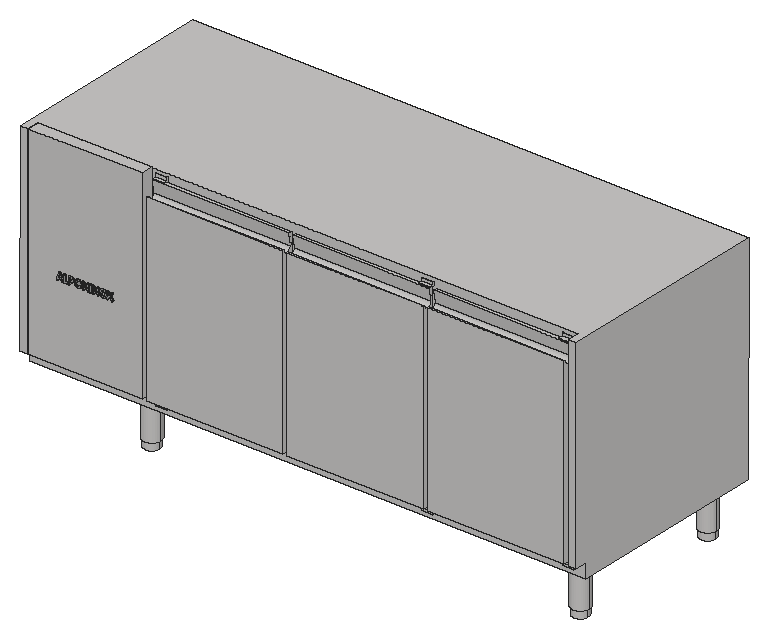
Revit family "QF_ALPENINOX_712026_AH3H7AAA", category Specialty Equipment, Revit 2018 (continued)
Definition of nested family "ALP_Cooling Unit"
  Lines and regions (mm)
    Split face 133
      outline origin (110.032, 2, -125.094) x (0, 0, 1) y (-1, 0, 0)
        loop
          arc (510.649, 158.547) -> (506.648, 162.548) -> (502.647, 158.547) r 4.001
          line (502.647, 158.547) -> (502.647, 116.535)
          arc (502.647, 116.535) -> (506.648, 112.533) -> (510.649, 116.535) r 4.001
          line (510.649, 116.535) -> (510.649, 158.547)
    Split face 134
      outline origin (110.032, 2, -137.098) x (0, 0, 1) y (-1, 0, 0)
        loop
          arc (510.649, 158.547) -> (506.648, 162.548) -> (502.647, 158.547) r 4.001
          line (502.647, 158.547) -> (502.647, 116.535)
          arc (502.647, 116.535) -> (506.648, 112.533) -> (510.649, 116.535) r 4.001
          line (510.649, 116.535) -> (510.649, 158.547)
    Split face 135
      outline origin (110.032, 2, -149.101) x (0, 0, 1) y (-1, 0, 0)
        loop
          arc (510.649, 158.547) -> (506.648, 162.548) -> (502.647, 158.547) r 4.001
          line (502.647, 158.547) -> (502.647, 116.535)
          arc (502.647, 116.535) -> (506.648, 112.533) -> (510.649, 116.535) r 4.001
          line (510.649, 116.535) -> (510.649, 158.547)
    Split face 136
      outline origin (110.032, 2, -161.105) x (0, 0, 1) y (-1, 0, 0)
        loop
          arc (510.649, 158.547) -> (506.648, 162.548) -> (502.647, 158.547) r 4.001
          line (502.647, 158.547) -> (502.647, 116.535)
          arc (502.647, 116.535) -> (506.648, 112.533) -> (510.649, 116.535) r 4.001
          line (510.649, 116.535) -> (510.649, 158.547)
    Split face 137
      outline origin (110.032, 2, -173.108) x (0, 0, 1) y (-1, 0, 0)
        loop
          arc (510.649, 158.547) -> (506.648, 162.548) -> (502.647, 158.547) r 4.001
          line (502.647, 158.547) -> (502.647, 116.535)
          arc (502.647, 116.535) -> (506.648, 112.533) -> (510.649, 116.535) r 4.001
          line (510.649, 116.535) -> (510.649, 158.547)
    Split face 138
      outline origin (110.032, 2, -185.112) x (0, 0, 1) y (-1, 0, 0)
        loop
          arc (510.649, 158.547) -> (506.648, 162.548) -> (502.647, 158.547) r 4.001
          line (502.647, 158.547) -> (502.647, 116.535)
          arc (502.647, 116.535) -> (506.648, 112.533) -> (510.649, 116.535) r 4.001
          line (510.649, 116.535) -> (510.649, 158.547)
    Split face 139
      outline origin (110.032, 2, -197.115) x (0, 0, 1) y (-1, 0, 0)
        loop
          arc (510.649, 158.547) -> (506.648, 162.548) -> (502.647, 158.547) r 4.001
          line (502.647, 158.547) -> (502.647, 116.535)
          arc (502.647, 116.535) -> (506.648, 112.533) -> (510.649, 116.535) r 4.001
          line (510.649, 116.535) -> (510.649, 158.547)
    Split face 140
      outline origin (110.032, 2, -209.119) x (0, 0, 1) y (-1, 0, 0)
        loop
          arc (510.649, 158.547) -> (506.648, 162.548) -> (502.647, 158.547) r 4.001
          line (502.647, 158.547) -> (502.647, 116.535)
          arc (502.647, 116.535) -> (506.648, 112.533) -> (510.649, 116.535) r 4.001
          line (510.649, 116.535) -> (510.649, 158.547)
    Split face 141
      outline origin (110.032, 2, -221.122) x (0, 0, 1) y (-1, 0, 0)
        loop
          arc (510.649, 158.547) -> (506.648, 162.548) -> (502.647, 158.547) r 4.001
          line (502.647, 158.547) -> (502.647, 116.535)
          arc (502.647, 116.535) -> (506.648, 112.533) -> (510.649, 116.535) r 4.001
          line (510.649, 116.535) -> (510.649, 158.547)
    Split face 142
      outline origin (110.032, 2, -233.126) x (0, 0, 1) y (-1, 0, 0)
        loop
          arc (510.649, 158.547) -> (506.648, 162.548) -> (502.647, 158.547) r 4.001
          line (502.647, 158.547) -> (502.647, 116.535)
          arc (502.647, 116.535) -> (506.648, 112.533) -> (510.649, 116.535) r 4.001
          line (510.649, 116.535) -> (510.649, 158.547)
    Split face 143
      outline origin (110.032, 2, -245.129) x (0, 0, 1) y (-1, 0, 0)
        loop
          arc (510.649, 158.547) -> (506.648, 162.548) -> (502.647, 158.547) r 4.001
          line (502.647, 158.547) -> (502.647, 116.535)
          arc (502.647, 116.535) -> (506.648, 112.533) -> (510.649, 116.535) r 4.001
          line (510.649, 116.535) -> (510.649, 158.547)
    Split face 144
      outline origin (110.032, 2, -257.133) x (0, 0, 1) y (-1, 0, 0)
        loop
          arc (510.649, 158.547) -> (506.648, 162.548) -> (502.647, 158.547) r 4.001
          line (502.647, 158.547) -> (502.647, 116.535)
          arc (502.647, 116.535) -> (506.648, 112.533) -> (510.649, 116.535) r 4.001
          line (510.649, 116.535) -> (510.649, 158.547)
    Split face 145
      outline origin (110.032, 2, -269.136) x (0, 0, 1) y (-1, 0, 0)
        loop
          arc (510.649, 158.547) -> (506.648, 162.548) -> (502.647, 158.547) r 4.001
          line (502.647, 158.547) -> (502.647, 116.535)
          arc (502.647, 116.535) -> (506.648, 112.533) -> (510.649, 116.535) r 4.001
          line (510.649, 116.535) -> (510.649, 158.547)
    Split face 146
      outline origin (110.032, 2, -281.14) x (0, 0, 1) y (-1, 0, 0)
        loop
          arc (510.649, 158.547) -> (506.648, 162.548) -> (502.647, 158.547) r 4.001
          line (502.647, 158.547) -> (502.647, 116.535)
          arc (502.647, 116.535) -> (506.648, 112.533) -> (510.649, 116.535) r 4.001
          line (510.649, 116.535) -> (510.649, 158.547)
    Split face 147
      outline origin (110.032, 2, -293.144) x (0, 0, 1) y (-1, 0, 0)
        loop
          arc (510.649, 158.547) -> (506.648, 162.548) -> (502.647, 158.547) r 4.001
          line (502.647, 158.547) -> (502.647, 116.535)
          arc (502.647, 116.535) -> (506.648, 112.533) -> (510.649, 116.535) r 4.001
          line (510.649, 116.535) -> (510.649, 158.547)
    Split face 148
      outline origin (165.048, 2, -113.091) x (0, 0, 1) y (-1, 0, 0)
        loop
          arc (510.649, 158.547) -> (506.648, 162.548) -> (502.647, 158.547) r 4.001
          line (502.647, 158.547) -> (502.647, 116.535)
          arc (502.647, 116.535) -> (506.648, 112.533) -> (510.649, 116.535) r 4.001
          line (510.649, 116.535) -> (510.649, 158.547)
    Split face 149
      outline origin (165.048, 2, -125.094) x (0, 0, 1) y (-1, 0, 0)
        loop
          arc (510.649, 158.547) -> (506.648, 162.548) -> (502.647, 158.547) r 4.001
          line (502.647, 158.547) -> (502.647, 116.535)
          arc (502.647, 116.535) -> (506.648, 112.533) -> (510.649, 116.535) r 4.001
          line (510.649, 116.535) -> (510.649, 158.547)
    Split face 150
      outline origin (165.048, 2, -137.098) x (0, 0, 1) y (-1, 0, 0)
        loop
          arc (510.649, 158.547) -> (506.648, 162.548) -> (502.647, 158.547) r 4.001
          line (502.647, 158.547) -> (502.647, 116.535)
          arc (502.647, 116.535) -> (506.648, 112.533) -> (510.649, 116.535) r 4.001
          line (510.649, 116.535) -> (510.649, 158.547)
    Split face 151
      outline origin (165.048, 2, -149.101) x (0, 0, 1) y (-1, 0, 0)
        loop
          arc (510.649, 158.547) -> (506.648, 162.548) -> (502.647, 158.547) r 4.001
          line (502.647, 158.547) -> (502.647, 116.535)
          arc (502.647, 116.535) -> (506.648, 112.533) -> (510.649, 116.535) r 4.001
          line (510.649, 116.535) -> (510.649, 158.547)
    Split face 152
      outline origin (165.048, 2, -161.105) x (0, 0, 1) y (-1, 0, 0)
        loop
          arc (510.649, 158.547) -> (506.648, 162.548) -> (502.647, 158.547) r 4.001
          line (502.647, 158.547) -> (502.647, 116.535)
          arc (502.647, 116.535) -> (506.648, 112.533) -> (510.649, 116.535) r 4.001
          line (510.649, 116.535) -> (510.649, 158.547)
    Split face 153
      outline origin (165.048, 2, -173.108) x (0, 0, 1) y (-1, 0, 0)
        loop
          arc (510.649, 158.547) -> (506.648, 162.548) -> (502.647, 158.547) r 4.001
          line (502.647, 158.547) -> (502.647, 116.535)
          arc (502.647, 116.535) -> (506.648, 112.533) -> (510.649, 116.535) r 4.001
          line (510.649, 116.535) -> (510.649, 158.547)
    Split face 154
      outline origin (165.048, 2, -185.112) x (0, 0, 1) y (-1, 0, 0)
        loop
          arc (510.649, 158.547) -> (506.648, 162.548) -> (502.647, 158.547) r 4.001
          line (502.647, 158.547) -> (502.647, 116.535)
          arc (502.647, 116.535) -> (506.648, 112.533) -> (510.649, 116.535) r 4.001
          line (510.649, 116.535) -> (510.649, 158.547)
    Split face 155
      outline origin (165.048, 2, -197.115) x (0, 0, 1) y (-1, 0, 0)
        loop
          arc (510.649, 158.547) -> (506.648, 162.548) -> (502.647, 158.547) r 4.001
          line (502.647, 158.547) -> (502.647, 116.535)
          arc (502.647, 116.535) -> (506.648, 112.533) -> (510.649, 116.535) r 4.001
          line (510.649, 116.535) -> (510.649, 158.547)
    Split face 156
      outline origin (165.048, 2, -209.119) x (0, 0, 1) y (-1, 0, 0)
        loop
          arc (510.649, 158.547) -> (506.648, 162.548) -> (502.647, 158.547) r 4.001
          line (502.647, 158.547) -> (502.647, 116.535)
          arc (502.647, 116.535) -> (506.648, 112.533) -> (510.649, 116.535) r 4.001
          line (510.649, 116.535) -> (510.649, 158.547)
    Split face 157
      outline origin (165.048, 2, -221.122) x (0, 0, 1) y (-1, 0, 0)
        loop
          arc (510.649, 158.547) -> (506.648, 162.548) -> (502.647, 158.547) r 4.001
          line (502.647, 158.547) -> (502.647, 116.535)
          arc (502.647, 116.535) -> (506.648, 112.533) -> (510.649, 116.535) r 4.001
          line (510.649, 116.535) -> (510.649, 158.547)
    Split face 158
      outline origin (165.048, 2, -233.126) x (0, 0, 1) y (-1, 0, 0)
        loop
          arc (510.649, 158.547) -> (506.648, 162.548) -> (502.647, 158.547) r 4.001
          line (502.647, 158.547) -> (502.647, 116.535)
          arc (502.647, 116.535) -> (506.648, 112.533) -> (510.649, 116.535) r 4.001
          line (510.649, 116.535) -> (510.649, 158.547)
    Split face 159
      outline origin (165.048, 2, -245.129) x (0, 0, 1) y (-1, 0, 0)
        loop
          arc (510.649, 158.547) -> (506.648, 162.548) -> (502.647, 158.547) r 4.001
          line (502.647, 158.547) -> (502.647, 116.535)
          arc (502.647, 116.535) -> (506.648, 112.533) -> (510.649, 116.535) r 4.001
          line (510.649, 116.535) -> (510.649, 158.547)
    Split face 160
      outline origin (165.048, 2, -257.133) x (0, 0, 1) y (-1, 0, 0)
        loop
          arc (510.649, 158.547) -> (506.648, 162.548) -> (502.647, 158.547) r 4.001
          line (502.647, 158.547) -> (502.647, 116.535)
          arc (502.647, 116.535) -> (506.648, 112.533) -> (510.649, 116.535) r 4.001
          line (510.649, 116.535) -> (510.649, 158.547)
    Split face 161
      outline origin (165.048, 2, -269.136) x (0, 0, 1) y (-1, 0, 0)
        loop
          arc (510.649, 158.547) -> (506.648, 162.548) -> (502.647, 158.547) r 4.001
          line (502.647, 158.547) -> (502.647, 116.535)
          arc (502.647, 116.535) -> (506.648, 112.533) -> (510.649, 116.535) r 4.001
          line (510.649, 116.535) -> (510.649, 158.547)
    Split face 162
      outline origin (165.048, 2, -281.14) x (0, 0, 1) y (-1, 0, 0)
        loop
          arc (510.649, 158.547) -> (506.648, 162.548) -> (502.647, 158.547) r 4.001
          line (502.647, 158.547) -> (502.647, 116.535)
          arc (502.647, 116.535) -> (506.648, 112.533) -> (510.649, 116.535) r 4.001
          line (510.649, 116.535) -> (510.649, 158.547)
    Split face 163
      outline origin (165.048, 2, -293.144) x (0, 0, 1) y (-1, 0, 0)
        loop
          arc (510.649, 158.547) -> (506.648, 162.548) -> (502.647, 158.547) r 4.001
          line (502.647, 158.547) -> (502.647, 116.535)
          arc (502.647, 116.535) -> (506.648, 112.533) -> (510.649, 116.535) r 4.001
          line (510.649, 116.535) -> (510.649, 158.547)
    Split face 164
      outline origin (220.064, 2, -113.091) x (0, 0, 1) y (-1, 0, 0)
        loop
          arc (510.649, 158.547) -> (506.648, 162.548) -> (502.647, 158.547) r 4.001
          line (502.647, 158.547) -> (502.647, 116.535)
          arc (502.647, 116.535) -> (506.648, 112.533) -> (510.649, 116.535) r 4.001
          line (510.649, 116.535) -> (510.649, 158.547)
    Split face 165
      outline origin (220.064, 2, -125.094) x (0, 0, 1) y (-1, 0, 0)
        loop
          arc (510.649, 158.547) -> (506.648, 162.548) -> (502.647, 158.547) r 4.001
          line (502.647, 158.547) -> (502.647, 116.535)
          arc (502.647, 116.535) -> (506.648, 112.533) -> (510.649, 116.535) r 4.001
          line (510.649, 116.535) -> (510.649, 158.547)
    Split face 166
      outline origin (220.064, 2, -137.098) x (0, 0, 1) y (-1, 0, 0)
        loop
          arc (510.649, 158.547) -> (506.648, 162.548) -> (502.647, 158.547) r 4.001
          line (502.647, 158.547) -> (502.647, 116.535)
          arc (502.647, 116.535) -> (506.648, 112.533) -> (510.649, 116.535) r 4.001
          line (510.649, 116.535) -> (510.649, 158.547)
    Split face 167
      outline origin (220.064, 2, -149.101) x (0, 0, 1) y (-1, 0, 0)
        loop
          arc (510.649, 158.547) -> (506.648, 162.548) -> (502.647, 158.547) r 4.001
          line (502.647, 158.547) -> (502.647, 116.535)
          arc (502.647, 116.535) -> (506.648, 112.533) -> (510.649, 116.535) r 4.001
          line (510.649, 116.535) -> (510.649, 158.547)
    Split face 168
      outline origin (220.064, 2, -161.105) x (0, 0, 1) y (-1, 0, 0)
        loop
          arc (510.649, 158.547) -> (506.648, 162.548) -> (502.647, 158.547) r 4.001
          line (502.647, 158.547) -> (502.647, 116.535)
          arc (502.647, 116.535) -> (506.648, 112.533) -> (510.649, 116.535) r 4.001
          line (510.649, 116.535) -> (510.649, 158.547)
    Split face 169
      outline origin (220.064, 2, -173.108) x (0, 0, 1) y (-1, 0, 0)
        loop
          arc (510.649, 158.547) -> (506.648, 162.548) -> (502.647, 158.547) r 4.001
          line (502.647, 158.547) -> (502.647, 116.535)
          arc (502.647, 116.535) -> (506.648, 112.533) -> (510.649, 116.535) r 4.001
          line (510.649, 116.535) -> (510.649, 158.547)
    Split face 170
      outline origin (220.064, 2, -185.112) x (0, 0, 1) y (-1, 0, 0)
        loop
          arc (510.649, 158.547) -> (506.648, 162.548) -> (502.647, 158.547) r 4.001
          line (502.647, 158.547) -> (502.647, 116.535)
          arc (502.647, 116.535) -> (506.648, 112.533) -> (510.649, 116.535) r 4.001
          line (510.649, 116.535) -> (510.649, 158.547)
    Split face 171
      outline origin (220.064, 2, -197.115) x (0, 0, 1) y (-1, 0, 0)
        loop
          arc (510.649, 158.547) -> (506.648, 162.548) -> (502.647, 158.547) r 4.001
          line (502.647, 158.547) -> (502.647, 116.535)
          arc (502.647, 116.535) -> (506.648, 112.533) -> (510.649, 116.535) r 4.001
          line (510.649, 116.535) -> (510.649, 158.547)
    Split face 172
      outline origin (220.064, 2, -209.119) x (0, 0, 1) y (-1, 0, 0)
        loop
          arc (510.649, 158.547) -> (506.648, 162.548) -> (502.647, 158.547) r 4.001
          line (502.647, 158.547) -> (502.647, 116.535)
          arc (502.647, 116.535) -> (506.648, 112.533) -> (510.649, 116.535) r 4.001
          line (510.649, 116.535) -> (510.649, 158.547)
    Split face 173
      outline origin (220.064, 2, -221.122) x (0, 0, 1) y (-1, 0, 0)
        loop
          arc (510.649, 158.547) -> (506.648, 162.548) -> (502.647, 158.547) r 4.001
          line (502.647, 158.547) -> (502.647, 116.535)
          arc (502.647, 116.535) -> (506.648, 112.533) -> (510.649, 116.535) r 4.001
          line (510.649, 116.535) -> (510.649, 158.547)
    Split face 174
      outline origin (220.064, 2, -233.126) x (0, 0, 1) y (-1, 0, 0)
        loop
          arc (510.649, 158.547) -> (506.648, 162.548) -> (502.647, 158.547) r 4.001
          line (502.647, 158.547) -> (502.647, 116.535)
          arc (502.647, 116.535) -> (506.648, 112.533) -> (510.649, 116.535) r 4.001
          line (510.649, 116.535) -> (510.649, 158.547)
    Split face 175
      outline origin (220.064, 2, -245.129) x (0, 0, 1) y (-1, 0, 0)
        loop
          arc (510.649, 158.547) -> (506.648, 162.548) -> (502.647, 158.547) r 4.001
          line (502.647, 158.547) -> (502.647, 116.535)
          arc (502.647, 116.535) -> (506.648, 112.533) -> (510.649, 116.535) r 4.001
          line (510.649, 116.535) -> (510.649, 158.547)
    Split face 176
      outline origin (220.064, 2, -257.133) x (0, 0, 1) y (-1, 0, 0)
        loop
          arc (510.649, 158.547) -> (506.648, 162.548) -> (502.647, 158.547) r 4.001
          line (502.647, 158.547) -> (502.647, 116.535)
          arc (502.647, 116.535) -> (506.648, 112.533) -> (510.649, 116.535) r 4.001
          line (510.649, 116.535) -> (510.649, 158.547)
    Split face 177
      outline origin (220.064, 2, -269.136) x (0, 0, 1) y (-1, 0, 0)
        loop
          arc (510.649, 158.547) -> (506.648, 162.548) -> (502.647, 158.547) r 4.001
          line (502.647, 158.547) -> (502.647, 116.535)
          arc (502.647, 116.535) -> (506.648, 112.533) -> (510.649, 116.535) r 4.001
          line (510.649, 116.535) -> (510.649, 158.547)
    Split face 178
      outline origin (220.064, 2, -281.14) x (0, 0, 1) y (-1, 0, 0)
        loop
          arc (510.649, 158.547) -> (506.648, 162.548) -> (502.647, 158.547) r 4.001
          line (502.647, 158.547) -> (502.647, 116.535)
          arc (502.647, 116.535) -> (506.648, 112.533) -> (510.649, 116.535) r 4.001
          line (510.649, 116.535) -> (510.649, 158.547)
    Split face 179
      outline origin (220.064, 2, -293.144) x (0, 0, 1) y (-1, 0, 0)
        loop
          arc (510.649, 158.547) -> (506.648, 162.548) -> (502.647, 158.547) r 4.001
          line (502.647, 158.547) -> (502.647, 116.535)
          arc (502.647, 116.535) -> (506.648, 112.533) -> (510.649, 116.535) r 4.001
          line (510.649, 116.535) -> (510.649, 158.547)
    Split face 180
      outline origin (275.081, 2, -113.091) x (0, 0, 1) y (-1, 0, 0)
        loop
          arc (510.649, 158.547) -> (506.648, 162.548) -> (502.647, 158.547) r 4.001
          line (502.647, 158.547) -> (502.647, 116.535)
          arc (502.647, 116.535) -> (506.648, 112.533) -> (510.649, 116.535) r 4.001
          line (510.649, 116.535) -> (510.649, 158.547)
    Split face 181
      outline origin (275.081, 2, -125.094) x (0, 0, 1) y (-1, 0, 0)
        loop
          arc (510.649, 158.547) -> (506.648, 162.548) -> (502.647, 158.547) r 4.001
          line (502.647, 158.547) -> (502.647, 116.535)
          arc (502.647, 116.535) -> (506.648, 112.533) -> (510.649, 116.535) r 4.001
          line (510.649, 116.535) -> (510.649, 158.547)
    Split face 182
      outline origin (275.081, 2, -137.098) x (0, 0, 1) y (-1, 0, 0)
        loop
          arc (510.649, 158.547) -> (506.648, 162.548) -> (502.647, 158.547) r 4.001
          line (502.647, 158.547) -> (502.647, 116.535)
          arc (502.647, 116.535) -> (506.648, 112.533) -> (510.649, 116.535) r 4.001
          line (510.649, 116.535) -> (510.649, 158.547)
    Split face 183
      outline origin (275.081, 2, -149.101) x (0, 0, 1) y (-1, 0, 0)
        loop
          arc (510.649, 158.547) -> (506.648, 162.548) -> (502.647, 158.547) r 4.001
          line (502.647, 158.547) -> (502.647, 116.535)
          arc (502.647, 116.535) -> (506.648, 112.533) -> (510.649, 116.535) r 4.001
          line (510.649, 116.535) -> (510.649, 158.547)
    Split face 184
      outline origin (275.081, 2, -161.105) x (0, 0, 1) y (-1, 0, 0)
        loop
          arc (510.649, 158.547) -> (506.648, 162.548) -> (502.647, 158.547) r 4.001
          line (502.647, 158.547) -> (502.647, 116.535)
          arc (502.647, 116.535) -> (506.648, 112.533) -> (510.649, 116.535) r 4.001
          line (510.649, 116.535) -> (510.649, 158.547)
    Split face 185
      outline origin (275.081, 2, -173.108) x (0, 0, 1) y (-1, 0, 0)
        loop
          arc (510.649, 158.547) -> (506.648, 162.548) -> (502.647, 158.547) r 4.001
          line (502.647, 158.547) -> (502.647, 116.535)
          arc (502.647, 116.535) -> (506.648, 112.533) -> (510.649, 116.535) r 4.001
          line (510.649, 116.535) -> (510.649, 158.547)
    Split face 186
      outline origin (275.081, 2, -185.112) x (0, 0, 1) y (-1, 0, 0)
        loop
          arc (510.649, 158.547) -> (506.648, 162.548) -> (502.647, 158.547) r 4.001
          line (502.647, 158.547) -> (502.647, 116.535)
          arc (502.647, 116.535) -> (506.648, 112.533) -> (510.649, 116.535) r 4.001
          line (510.649, 116.535) -> (510.649, 158.547)
    Split face 187
      outline origin (275.081, 2, -197.115) x (0, 0, 1) y (-1, 0, 0)
        loop
          arc (510.649, 158.547) -> (506.648, 162.548) -> (502.647, 158.547) r 4.001
          line (502.647, 158.547) -> (502.647, 116.535)
          arc (502.647, 116.535) -> (506.648, 112.533) -> (510.649, 116.535) r 4.001
          line (510.649, 116.535) -> (510.649, 158.547)
    Split face 188
      outline origin (275.081, 2, -209.119) x (0, 0, 1) y (-1, 0, 0)
        loop
          arc (510.649, 158.547) -> (506.648, 162.548) -> (502.647, 158.547) r 4.001
          line (502.647, 158.547) -> (502.647, 116.535)
          arc (502.647, 116.535) -> (506.648, 112.533) -> (510.649, 116.535) r 4.001
          line (510.649, 116.535) -> (510.649, 158.547)
    Split face 189
      outline origin (275.081, 2, -221.122) x (0, 0, 1) y (-1, 0, 0)
        loop
          arc (510.649, 158.547) -> (506.648, 162.548) -> (502.647, 158.547) r 4.001
          line (502.647, 158.547) -> (502.647, 116.535)
          arc (502.647, 116.535) -> (506.648, 112.533) -> (510.649, 116.535) r 4.001
          line (510.649, 116.535) -> (510.649, 158.547)
    Split face 190
      outline origin (275.081, 2, -233.126) x (0, 0, 1) y (-1, 0, 0)
        loop
          arc (510.649, 158.547) -> (506.648, 162.548) -> (502.647, 158.547) r 4.001
          line (502.647, 158.547) -> (502.647, 116.535)
          arc (502.647, 116.535) -> (506.648, 112.533) -> (510.649, 116.535) r 4.001
          line (510.649, 116.535) -> (510.649, 158.547)
    Split face 191
      outline origin (275.081, 2, -245.129) x (0, 0, 1) y (-1, 0, 0)
        loop
          arc (510.649, 158.547) -> (506.648, 162.548) -> (502.647, 158.547) r 4.001
          line (502.647, 158.547) -> (502.647, 116.535)
          arc (502.647, 116.535) -> (506.648, 112.533) -> (510.649, 116.535) r 4.001
          line (510.649, 116.535) -> (510.649, 158.547)
    Split face 192
      outline origin (275.081, 2, -257.133) x (0, 0, 1) y (-1, 0, 0)
        loop
          arc (510.649, 158.547) -> (506.648, 162.548) -> (502.647, 158.547) r 4.001
          line (502.647, 158.547) -> (502.647, 116.535)
          arc (502.647, 116.535) -> (506.648, 112.533) -> (510.649, 116.535) r 4.001
          line (510.649, 116.535) -> (510.649, 158.547)
    Split face 193
      outline origin (275.081, 2, -269.136) x (0, 0, 1) y (-1, 0, 0)
        loop
          arc (510.649, 158.547) -> (506.648, 162.548) -> (502.647, 158.547) r 4.001
          line (502.647, 158.547) -> (502.647, 116.535)
          arc (502.647, 116.535) -> (506.648, 112.533) -> (510.649, 116.535) r 4.001
          line (510.649, 116.535) -> (510.649, 158.547)
    Split face 194
      outline origin (275.081, 2, -281.14) x (0, 0, 1) y (-1, 0, 0)
        loop
          arc (510.649, 158.547) -> (506.648, 162.548) -> (502.647, 158.547) r 4.001
          line (502.647, 158.547) -> (502.647, 116.535)
          arc (502.647, 116.535) -> (506.648, 112.533) -> (510.649, 116.535) r 4.001
          line (510.649, 116.535) -> (510.649, 158.547)
    Split face 195
      outline origin (275.081, 2, -293.144) x (0, 0, 1) y (-1, 0, 0)
        loop
          arc (510.649, 158.547) -> (506.648, 162.548) -> (502.647, 158.547) r 4.001
          line (502.647, 158.547) -> (502.647, 116.535)
          arc (502.647, 116.535) -> (506.648, 112.533) -> (510.649, 116.535) r 4.001
          line (510.649, 116.535) -> (510.649, 158.547)
  Dimensions and locks
    aligned and locked: level to plane 2
  Nested families
    nested 1: "ALP_Logo_S" at (0, 2, 458.586) x (1, 0, 0) z (0, -1, 0), visible <- "Show Logo", type "ALP_Logo_S"
  Definition of nested family "ALP_Logo_S"
    Parameters
      Default Elevation = 0 mm
    Reference planes
      plane 1 "Centro (Fronte/Retro)": y = 0
      plane 2: z = 0
      plane 3 "Centro (Sinistra/Destra)": x = 0
    Forms (mm)
      Extrusion 1, solid
        sketch origin (0, 0, 0) x (1, 0, 0) y (0, 1, 0)
          loop
            line (-1219.2, 1219.2) -> (-1219.2, -1219.2) -> (1219.2, -1219.2) -> (1219.2, 1219.2) -> (-1219.2, 1219.2)
        from 0 to -304.8
      Extrusion 2, solid
        sketch origin (17.793, -46.218, 0) x (-1, 0, 0) y (0, -1, 0)
          loop
            line (109.007, -37.469) -> (109.244, -36.361)
            spline (109.244, -36.361) -> (109.221, -36.03) -> (109.153, -35.716) -> (109.043, -35.42) -> (108.895, -35.146) -> (108.713, -34.896) -> (108.498, -34.671) -> (108.255, -34.475) -> (107.987, -34.309) -> (107.697, -34.176) -> (107.388, -34.078) -> (107.064, -34.017) -> (106.728, -33.997)
            spline (106.728, -33.997) -> (106.393, -34.012) -> (106.085, -34.057) -> (105.803, -34.129) -> (105.547, -34.228) -> (105.315, -34.352) -> (105.105, -34.499) -> (104.918, -34.668) -> (104.752, -34.858) -> (104.605, -35.066) -> (104.478, -35.291) -> (104.368, -35.532) -> (104.275, -35.787)
            line (104.275, -35.787) -> (103.256, -38.92) -> (93.799, -38.92) -> (92.773, -35.75)
            spline (92.773, -35.75) -> (92.68, -35.504) -> (92.57, -35.27) -> (92.443, -35.05) -> (92.296, -34.847) -> (92.129, -34.661) -> (91.941, -34.495) -> (91.729, -34.35) -> (91.494, -34.227) -> (91.234, -34.129) -> (90.948, -34.056) -> (90.634, -34.012) -> (90.292, -33.997)
            spline (90.292, -33.997) -> (89.98, -34.015) -> (89.679, -34.07) -> (89.392, -34.16) -> (89.122, -34.282) -> (88.871, -34.436) -> (88.644, -34.618) -> (88.442, -34.828) -> (88.271, -35.063) -> (88.132, -35.322) -> (88.028, -35.604) -> (87.964, -35.905) -> (87.942, -36.225)
            line (87.942, -36.225) -> (88.215, -37.469) -> (94.885, -55.826)
            spline (94.885, -55.826) -> (95.044, -56.22) -> (95.23, -56.593) -> (95.444, -56.943) -> (95.685, -57.268) -> (95.953, -57.564) -> (96.246, -57.829) -> (96.565, -58.06) -> (96.909, -58.255) -> (97.278, -58.412) -> (97.672, -58.527) -> (98.088, -58.597) -> (98.529, -58.622)
            spline (98.529, -58.622) -> (98.953, -58.596) -> (99.359, -58.522) -> (99.746, -58.402) -> (100.112, -58.241) -> (100.457, -58.04) -> (100.78, -57.804) -> (101.078, -57.536) -> (101.351, -57.238) -> (101.599, -56.916) -> (101.818, -56.57) -> (102.009, -56.206) -> (102.171, -55.826)
            line (102.171, -55.826) -> (109.007, -37.469)
          loop
            line (101.794, -43.576) -> (95.326, -43.576) -> (98.522, -53.458) -> (101.794, -43.576)
          loop
            spline (85.755, -36.964) -> (85.735, -36.556) -> (85.675, -36.175) -> (85.576, -35.822) -> (85.439, -35.499) -> (85.266, -35.208) -> (85.056, -34.95) -> (84.812, -34.727) -> (84.534, -34.541) -> (84.223, -34.394) -> (83.881, -34.286) -> (83.507, -34.22) -> (83.104, -34.198)
            line (83.104, -34.198) -> (74.598, -34.198)
            spline (74.598, -34.198) -> (74.236, -34.221) -> (73.9, -34.286) -> (73.592, -34.39) -> (73.311, -34.528) -> (73.058, -34.698) -> (72.835, -34.895) -> (72.641, -35.114) -> (72.478, -35.354) -> (72.347, -35.608) -> (72.247, -35.874) -> (72.181, -36.148) -> (72.148, -36.426)
            spline (72.148, -36.426) -> (72.156, -36.715) -> (72.197, -37.004) -> (72.272, -37.289) -> (72.382, -37.565) -> (72.528, -37.827) -> (72.709, -38.07) -> (72.927, -38.288) -> (73.183, -38.478) -> (73.478, -38.635) -> (73.811, -38.752) -> (74.184, -38.827) -> (74.598, -38.852)
            line (74.598, -38.852) -> (80.653, -38.852) -> (80.653, -55.789)
            spline (80.653, -55.789) -> (80.675, -56.195) -> (80.741, -56.569) -> (80.846, -56.912) -> (80.99, -57.221) -> (81.169, -57.497) -> (81.381, -57.738) -> (81.624, -57.944) -> (81.894, -58.114) -> (82.191, -58.247) -> (82.51, -58.343) -> (82.85, -58.402) -> (83.208, -58.421)
            spline (83.208, -58.421) -> (83.565, -58.402) -> (83.904, -58.343) -> (84.222, -58.247) -> (84.517, -58.114) -> (84.787, -57.944) -> (85.029, -57.738) -> (85.241, -57.497) -> (85.419, -57.221) -> (85.563, -56.912) -> (85.668, -56.569) -> (85.733, -56.195) -> (85.755, -55.789)
            line (85.755, -55.789) -> (85.755, -36.964)
          loop
            spline (69.963, -36.629) -> (69.941, -36.222) -> (69.876, -35.847) -> (69.77, -35.505) -> (69.627, -35.196) -> (69.448, -34.921) -> (69.236, -34.68) -> (68.993, -34.474) -> (68.723, -34.305) -> (68.427, -34.171) -> (68.108, -34.075) -> (67.769, -34.017) -> (67.412, -33.998)
            spline (67.412, -33.998) -> (67.055, -34.017) -> (66.716, -34.075) -> (66.397, -34.171) -> (66.101, -34.305) -> (65.832, -34.474) -> (65.59, -34.68) -> (65.378, -34.921) -> (65.2, -35.196) -> (65.057, -35.505) -> (64.951, -35.847) -> (64.886, -36.222) -> (64.864, -36.629)
            line (64.864, -36.629) -> (64.864, -42.161) -> (61.085, -42.161)
            spline (61.085, -42.161) -> (59.938, -42.224) -> (58.836, -42.411) -> (57.789, -42.717) -> (56.807, -43.139) -> (55.902, -43.671) -> (55.083, -44.311) -> (54.361, -45.053) -> (53.747, -45.894) -> (53.251, -46.829) -> (52.884, -47.854) -> (52.656, -48.965) -> (52.577, -50.158)
            spline (52.577, -50.158) -> (52.653, -51.33) -> (52.875, -52.429) -> (53.235, -53.452) -> (53.724, -54.391) -> (54.334, -55.241) -> (55.057, -55.997) -> (55.884, -56.652) -> (56.807, -57.201) -> (57.817, -57.638) -> (58.906, -57.957) -> (60.067, -58.153) -> (61.289, -58.22)
            line (61.289, -58.22) -> (67.306, -58.22)
            spline (67.306, -58.22) -> (67.716, -58.198) -> (68.095, -58.135) -> (68.44, -58.031) -> (68.752, -57.889) -> (69.031, -57.711) -> (69.274, -57.498) -> (69.482, -57.251) -> (69.653, -56.974) -> (69.788, -56.667) -> (69.885, -56.332) -> (69.944, -55.972) -> (69.963, -55.587)
            line (69.963, -55.587) -> (69.963, -36.629)
          loop
            line (64.864, -53.764) -> (64.864, -46.61) -> (61.384, -46.61)
            spline (61.384, -46.61) -> (60.866, -46.642) -> (60.382, -46.735) -> (59.935, -46.885) -> (59.526, -47.089) -> (59.158, -47.342) -> (58.832, -47.641) -> (58.551, -47.983) -> (58.317, -48.362) -> (58.131, -48.777) -> (57.995, -49.222) -> (57.913, -49.694) -> (57.885, -50.189)
            spline (57.885, -50.189) -> (57.913, -50.684) -> (57.995, -51.156) -> (58.131, -51.601) -> (58.317, -52.015) -> (58.551, -52.394) -> (58.832, -52.735) -> (59.158, -53.034) -> (59.526, -53.287) -> (59.935, -53.49) -> (60.382, -53.64) -> (60.866, -53.733) -> (61.384, -53.764)
            line (61.384, -53.764) -> (64.864, -53.764)
          loop
            spline (32.388, -43.737) -> (31.645, -43.763) -> (30.977, -43.84) -> (30.381, -43.966) -> (29.857, -44.139) -> (29.401, -44.355) -> (29.012, -44.613) -> (28.688, -44.91) -> (28.428, -45.245) -> (28.228, -45.614) -> (28.088, -46.015) -> (28.006, -46.447) -> (27.979, -46.906)
            spline (27.979, -46.906) -> (28.073, -48.241) -> (28.349, -49.591) -> (28.801, -50.931) -> (29.42, -52.236) -> (30.198, -53.481) -> (31.128, -54.642) -> (32.202, -55.693) -> (33.412, -56.608) -> (34.751, -57.364) -> (36.211, -57.935) -> (37.784, -58.296) -> (39.462, -58.422)
            spline (39.462, -58.422) -> (41.103, -58.303) -> (42.649, -57.959) -> (44.091, -57.408) -> (45.422, -56.668) -> (46.63, -55.759) -> (47.707, -54.697) -> (48.644, -53.501) -> (49.431, -52.19) -> (50.059, -50.782) -> (50.52, -49.295) -> (50.803, -47.748) -> (50.899, -46.159)
            spline (50.899, -46.159) -> (50.801, -44.451) -> (50.511, -42.83) -> (50.039, -41.308) -> (49.392, -39.896) -> (48.579, -38.607) -> (47.608, -37.451) -> (46.488, -36.441) -> (45.226, -35.588) -> (43.831, -34.905) -> (42.311, -34.402) -> (40.675, -34.091) -> (38.93, -33.985)
            spline (38.93, -33.985) -> (37.728, -34.039) -> (36.511, -34.193) -> (35.301, -34.44) -> (34.12, -34.77) -> (32.993, -35.175) -> (31.942, -35.645) -> (30.99, -36.172) -> (30.16, -36.746) -> (29.474, -37.36) -> (28.956, -38.004) -> (28.628, -38.669) -> (28.514, -39.347)
            spline (28.514, -39.347) -> (28.53, -39.685) -> (28.577, -40.017) -> (28.656, -40.338) -> (28.765, -40.643) -> (28.905, -40.928) -> (29.073, -41.19) -> (29.27, -41.423) -> (29.495, -41.623) -> (29.748, -41.787) -> (30.028, -41.91) -> (30.333, -41.987) -> (30.665, -42.014)
            spline (30.665, -42.014) -> (31.199, -41.95) -> (31.712, -41.768) -> (32.22, -41.491) -> (32.738, -41.145) -> (33.281, -40.752) -> (33.868, -40.337) -> (34.512, -39.924) -> (35.23, -39.537) -> (36.038, -39.199) -> (36.952, -38.934) -> (37.987, -38.768) -> (39.161, -38.722)
            spline (39.161, -38.722) -> (39.894, -38.774) -> (40.606, -38.897) -> (41.291, -39.091) -> (41.943, -39.354) -> (42.554, -39.684) -> (43.119, -40.08) -> (43.632, -40.54) -> (44.086, -41.061) -> (44.475, -41.643) -> (44.792, -42.285) -> (45.032, -42.983) -> (45.188, -43.737)
            line (45.188, -43.737) -> (32.388, -43.737)
          loop
            line (45.321, -48.475) -> (33.559, -48.475)
            spline (33.559, -48.475) -> (33.693, -49.163) -> (33.914, -49.841) -> (34.214, -50.497) -> (34.588, -51.123) -> (35.029, -51.71) -> (35.531, -52.248) -> (36.087, -52.729) -> (36.691, -53.143) -> (37.337, -53.481) -> (38.018, -53.734) -> (38.729, -53.893) -> (39.462, -53.948)
            spline (39.462, -53.948) -> (40.168, -53.891) -> (40.86, -53.728) -> (41.531, -53.468) -> (42.173, -53.123) -> (42.779, -52.701) -> (43.339, -52.214) -> (43.847, -51.671) -> (44.295, -51.082) -> (44.674, -50.458) -> (44.976, -49.809) -> (45.195, -49.144) -> (45.321, -48.475)
          loop
            spline (25.297, -36.629) -> (25.275, -36.222) -> (25.209, -35.847) -> (25.103, -35.505) -> (24.958, -35.196) -> (24.779, -34.92) -> (24.566, -34.679) -> (24.323, -34.474) -> (24.052, -34.304) -> (23.755, -34.17) -> (23.436, -34.074) -> (23.096, -34.016) -> (22.739, -33.997)
            spline (22.739, -33.997) -> (22.382, -34.016) -> (22.043, -34.074) -> (21.724, -34.17) -> (21.429, -34.304) -> (21.158, -34.474) -> (20.916, -34.679) -> (20.704, -34.92) -> (20.525, -35.196) -> (20.382, -35.505) -> (20.276, -35.847) -> (20.211, -36.222) -> (20.189, -36.629)
            line (20.189, -36.629) -> (20.189, -49.304) -> (9.333, -35.11) -> (7.187, -33.997)
            spline (7.187, -33.997) -> (6.83, -34.016) -> (6.49, -34.074) -> (6.172, -34.17) -> (5.876, -34.304) -> (5.606, -34.474) -> (5.363, -34.679) -> (5.151, -34.92) -> (4.972, -35.196) -> (4.829, -35.505) -> (4.723, -35.847) -> (4.658, -36.222) -> (4.636, -36.629)
            line (4.636, -36.629) -> (4.636, -55.789)
            spline (4.636, -55.789) -> (4.658, -56.195) -> (4.723, -56.569) -> (4.829, -56.912) -> (4.972, -57.221) -> (5.151, -57.497) -> (5.363, -57.738) -> (5.606, -57.944) -> (5.876, -58.114) -> (6.172, -58.247) -> (6.49, -58.343) -> (6.83, -58.402) -> (7.187, -58.421)
            spline (7.187, -58.421) -> (7.545, -58.402) -> (7.885, -58.343) -> (8.204, -58.247) -> (8.5, -58.114) -> (8.771, -57.944) -> (9.014, -57.738) -> (9.226, -57.497) -> (9.405, -57.221) -> (9.549, -56.912) -> (9.654, -56.569) -> (9.719, -56.195) -> (9.742, -55.789)
            line (9.742, -55.789) -> (9.742, -42.947) -> (20.597, -57.305) -> (22.739, -58.421)
            spline (22.739, -58.421) -> (23.096, -58.402) -> (23.436, -58.343) -> (23.755, -58.247) -> (24.052, -58.114) -> (24.323, -57.944) -> (24.566, -57.738) -> (24.779, -57.497) -> (24.958, -57.221) -> (25.103, -56.912) -> (25.209, -56.569) -> (25.275, -56.195) -> (25.297, -55.789)
            line (25.297, -55.789) -> (25.297, -36.629)
          loop
            spline (1.445, -36.629) -> (1.422, -36.222) -> (1.357, -35.847) -> (1.252, -35.505) -> (1.108, -35.196) -> (0.929, -34.92) -> (0.717, -34.679) -> (0.475, -34.474) -> (0.204, -34.304) -> (-0.092, -34.17) -> (-0.411, -34.074) -> (-0.751, -34.016) -> (-1.109, -33.997)
            spline (-1.109, -33.997) -> (-1.467, -34.016) -> (-1.807, -34.074) -> (-2.125, -34.17) -> (-2.421, -34.304) -> (-2.691, -34.474) -> (-2.933, -34.679) -> (-3.145, -34.92) -> (-3.324, -35.196) -> (-3.467, -35.505) -> (-3.572, -35.847) -> (-3.637, -36.222) -> (-3.659, -36.629)
            line (-3.659, -36.629) -> (-3.659, -55.789)
            spline (-3.659, -55.789) -> (-3.637, -56.195) -> (-3.572, -56.569) -> (-3.467, -56.912) -> (-3.324, -57.221) -> (-3.145, -57.497) -> (-2.933, -57.738) -> (-2.691, -57.944) -> (-2.421, -58.114) -> (-2.125, -58.247) -> (-1.807, -58.343) -> (-1.467, -58.402) -> (-1.109, -58.421)
            spline (-1.109, -58.421) -> (-0.751, -58.402) -> (-0.411, -58.343) -> (-0.092, -58.247) -> (0.204, -58.114) -> (0.475, -57.944) -> (0.717, -57.738) -> (0.929, -57.497) -> (1.108, -57.221) -> (1.252, -56.912) -> (1.357, -56.569) -> (1.422, -56.195) -> (1.445, -55.789)
            line (1.445, -55.789) -> (1.445, -36.629)
          loop
            spline (-6.852, -36.629) -> (-6.875, -36.222) -> (-6.94, -35.847) -> (-7.045, -35.505) -> (-7.189, -35.196) -> (-7.368, -34.92) -> (-7.58, -34.679) -> (-7.822, -34.474) -> (-8.092, -34.304) -> (-8.388, -34.17) -> (-8.706, -34.074) -> (-9.046, -34.016) -> (-9.403, -33.997)
            spline (-9.403, -33.997) -> (-9.76, -34.016) -> (-10.1, -34.074) -> (-10.42, -34.17) -> (-10.716, -34.304) -> (-10.987, -34.474) -> (-11.23, -34.679) -> (-11.442, -34.92) -> (-11.621, -35.196) -> (-11.765, -35.505) -> (-11.871, -35.847) -> (-11.936, -36.222) -> (-11.958, -36.629)
            line (-11.958, -36.629) -> (-11.958, -49.304) -> (-22.814, -35.11) -> (-24.958, -33.997)
            spline (-24.958, -33.997) -> (-25.315, -34.016) -> (-25.655, -34.074) -> (-25.974, -34.17) -> (-26.27, -34.304) -> (-26.541, -34.474) -> (-26.784, -34.679) -> (-26.996, -34.92) -> (-27.175, -35.196) -> (-27.319, -35.505) -> (-27.424, -35.847) -> (-27.49, -36.222) -> (-27.512, -36.629)
            line (-27.512, -36.629) -> (-27.512, -55.789)
            spline (-27.512, -55.789) -> (-27.49, -56.195) -> (-27.424, -56.569) -> (-27.319, -56.912) -> (-27.175, -57.221) -> (-26.996, -57.497) -> (-26.784, -57.738) -> (-26.541, -57.944) -> (-26.27, -58.114) -> (-25.974, -58.247) -> (-25.655, -58.343) -> (-25.315, -58.402) -> (-24.958, -58.421)
            spline (-24.958, -58.421) -> (-24.6, -58.402) -> (-24.26, -58.343) -> (-23.941, -58.247) -> (-23.646, -58.114) -> (-23.375, -57.944) -> (-23.133, -57.738) -> (-22.921, -57.497) -> (-22.743, -57.221) -> (-22.599, -56.912) -> (-22.494, -56.569) -> (-22.429, -56.195) -> (-22.407, -55.789)
            line (-22.407, -55.789) -> (-22.407, -42.949) -> (-11.549, -57.305) -> (-9.403, -58.421)
            spline (-9.403, -58.421) -> (-9.046, -58.402) -> (-8.706, -58.343) -> (-8.388, -58.247) -> (-8.092, -58.114) -> (-7.822, -57.944) -> (-7.58, -57.738) -> (-7.368, -57.497) -> (-7.189, -57.221) -> (-7.045, -56.912) -> (-6.94, -56.569) -> (-6.875, -56.195) -> (-6.852, -55.789)
            line (-6.852, -55.789) -> (-6.852, -36.629)
          loop
            spline (-41.905, -33.794) -> (-43.601, -33.905) -> (-45.194, -34.229) -> (-46.677, -34.752) -> (-48.04, -35.461) -> (-49.275, -36.342) -> (-50.373, -37.383) -> (-51.326, -38.569) -> (-52.125, -39.887) -> (-52.761, -41.323) -> (-53.226, -42.864) -> (-53.512, -44.497) -> (-53.609, -46.208)
            spline (-53.609, -46.208) -> (-53.509, -47.892) -> (-53.217, -49.507) -> (-52.742, -51.038) -> (-52.094, -52.472) -> (-51.284, -53.792) -> (-50.321, -54.984) -> (-49.216, -56.034) -> (-47.978, -56.926) -> (-46.618, -57.646) -> (-45.146, -58.178) -> (-43.572, -58.509) -> (-41.905, -58.622)
            spline (-41.905, -58.622) -> (-40.216, -58.512) -> (-38.628, -58.19) -> (-37.148, -57.669) -> (-35.785, -56.962) -> (-34.549, -56.084) -> (-33.449, -55.046) -> (-32.493, -53.861) -> (-31.691, -52.544) -> (-31.051, -51.107) -> (-30.583, -49.563) -> (-30.296, -47.926) -> (-30.198, -46.208)
            spline (-30.198, -46.208) -> (-30.296, -44.497) -> (-30.585, -42.864) -> (-31.055, -41.323) -> (-31.697, -39.887) -> (-32.502, -38.569) -> (-33.46, -37.383) -> (-34.562, -36.342) -> (-35.798, -35.461) -> (-37.16, -34.752) -> (-38.638, -34.229) -> (-40.223, -33.905) -> (-41.905, -33.794)
          loop
            spline (-41.905, -38.45) -> (-42.938, -38.524) -> (-43.878, -38.739) -> (-44.726, -39.084) -> (-45.482, -39.548) -> (-46.147, -40.119) -> (-46.722, -40.787) -> (-47.206, -41.541) -> (-47.601, -42.37) -> (-47.907, -43.262) -> (-48.125, -44.206) -> (-48.256, -45.192) -> (-48.299, -46.208)
            spline (-48.299, -46.208) -> (-48.255, -47.219) -> (-48.121, -48.201) -> (-47.898, -49.143) -> (-47.586, -50.035) -> (-47.186, -50.863) -> (-46.697, -51.619) -> (-46.119, -52.289) -> (-45.453, -52.862) -> (-44.698, -53.328) -> (-43.855, -53.675) -> (-42.924, -53.891) -> (-41.905, -53.966)
            spline (-41.905, -53.966) -> (-40.885, -53.891) -> (-39.953, -53.675) -> (-39.109, -53.328) -> (-38.354, -52.862) -> (-37.688, -52.289) -> (-37.11, -51.619) -> (-36.62, -50.863) -> (-36.22, -50.035) -> (-35.908, -49.143) -> (-35.685, -48.201) -> (-35.551, -47.219) -> (-35.507, -46.208)
            spline (-35.507, -46.208) -> (-35.55, -45.192) -> (-35.68, -44.206) -> (-35.898, -43.262) -> (-36.204, -42.37) -> (-36.599, -41.541) -> (-37.084, -40.787) -> (-37.659, -40.119) -> (-38.324, -39.548) -> (-39.081, -39.084) -> (-39.929, -38.739) -> (-40.87, -38.524) -> (-41.905, -38.45)
          loop
            line (-53.681, -38.08) -> (-53.106, -36.361)
            spline (-53.106, -36.361) -> (-53.128, -36.016) -> (-53.193, -35.692) -> (-53.299, -35.392) -> (-53.443, -35.116) -> (-53.623, -34.867) -> (-53.837, -34.646) -> (-54.082, -34.454) -> (-54.355, -34.294) -> (-54.656, -34.166) -> (-54.98, -34.073) -> (-55.327, -34.016) -> (-55.693, -33.997)
            spline (-55.693, -33.997) -> (-55.917, -34.005) -> (-56.131, -34.03) -> (-56.336, -34.071) -> (-56.532, -34.129) -> (-56.72, -34.201) -> (-56.899, -34.289) -> (-57.069, -34.391) -> (-57.231, -34.508) -> (-57.386, -34.639) -> (-57.532, -34.783) -> (-57.67, -34.94) -> (-57.8, -35.11)
            line (-57.8, -35.11) -> (-63.381, -42.802) -> (-68.963, -35.11)
            spline (-68.963, -35.11) -> (-69.095, -34.94) -> (-69.233, -34.783) -> (-69.379, -34.639) -> (-69.533, -34.508) -> (-69.695, -34.391) -> (-69.866, -34.289) -> (-70.044, -34.201) -> (-70.232, -34.129) -> (-70.429, -34.071) -> (-70.634, -34.03) -> (-70.85, -34.005) -> (-71.075, -33.997)
            spline (-71.075, -33.997) -> (-71.44, -34.016) -> (-71.785, -34.073) -> (-72.109, -34.166) -> (-72.409, -34.294) -> (-72.682, -34.454) -> (-72.927, -34.646) -> (-73.141, -34.867) -> (-73.321, -35.116) -> (-73.466, -35.392) -> (-73.572, -35.692) -> (-73.637, -36.016) -> (-73.659, -36.361)
            line (-73.659, -36.361) -> (-73.081, -38.08) -> (-66.345, -47.048) -> (-71.856, -54.473) -> (-72.401, -55.959)
            spline (-72.401, -55.959) -> (-72.378, -56.319) -> (-72.311, -56.656) -> (-72.203, -56.969) -> (-72.055, -57.256) -> (-71.872, -57.516) -> (-71.656, -57.746) -> (-71.409, -57.945) -> (-71.134, -58.112) -> (-70.834, -58.245) -> (-70.512, -58.342) -> (-70.171, -58.402) -> (-69.812, -58.422)
            spline (-69.812, -58.422) -> (-69.6, -58.41) -> (-69.387, -58.376) -> (-69.176, -58.322) -> (-68.968, -58.248) -> (-68.765, -58.157) -> (-68.568, -58.05) -> (-68.379, -57.93) -> (-68.199, -57.796) -> (-68.03, -57.652) -> (-67.873, -57.499) -> (-67.731, -57.339) -> (-67.603, -57.172)
            line (-67.603, -57.172) -> (-63.381, -51.236) -> (-59.162, -57.172)
            spline (-59.162, -57.172) -> (-59.034, -57.339) -> (-58.892, -57.499) -> (-58.735, -57.652) -> (-58.566, -57.796) -> (-58.386, -57.93) -> (-58.197, -58.05) -> (-58, -58.157) -> (-57.796, -58.248) -> (-57.588, -58.322) -> (-57.377, -58.376) -> (-57.165, -58.41) -> (-56.952, -58.422)
            spline (-56.952, -58.422) -> (-56.594, -58.402) -> (-56.253, -58.342) -> (-55.931, -58.245) -> (-55.632, -58.112) -> (-55.358, -57.945) -> (-55.111, -57.746) -> (-54.895, -57.516) -> (-54.712, -57.256) -> (-54.564, -56.969) -> (-54.456, -56.656) -> (-54.389, -56.319) -> (-54.366, -55.959)
            line (-54.366, -55.959) -> (-54.909, -54.473) -> (-60.423, -47.048) -> (-53.681, -38.08)
        from 0 to 1.644
    Dimensions and locks
      aligned and locked: plane 2 to Extrusion 1
      aligned and locked: level to Extrusion 1
Definition of nested family "Refrigerator"
  Reference planes
    plane 1 "Center (Front/Back)": y = 0
    plane 2: z = 0
    plane 3 "Center (Left/Right)": x = 0
  Lines and regions (mm)
    detail lines, in view "Ref. Level"
      curve 1: spline (-500, 190, 0) -> (-493.185, 166.706, 0) -> (-473.205, 145, 0) -> (-441.421, 126.36, 0) -> (-400, 112.058, 0) -> (-351.764, 103.067, 0) -> (-300, 100, 0) -> (-248.236, 103.067, 0) -> (-200, 112.058, 0) -> (-158.579, 126.36, 0) -> (-126.795, 145, 0) -> (-106.815, 166.706, 0) -> (-100, 190, 0) -> (-106.815, 213.294, 0) -> (-126.795, 235, 0) -> (-158.579, 253.64, 0) -> (-200, 267.942, 0) -> (-248.236, 276.933, 0) -> (-300, 280, 0) -> (-351.764, 276.933, 0) -> (-400, 267.942, 0) -> (-441.421, 253.64, 0) -> (-473.205, 235, 0) -> (-493.185, 213.294, 0) -> (-500, 190, 0)
      curve 2: line (-300, 130, 0) -> (-300, 250, 0)
      curve 3: line (-351.962, 220, 0) -> (-248.038, 160, 0)
      curve 4: line (-351.962, 160, 0) -> (-248.038, 220, 0)
      curve 5: line (-280.884, 246.873, 0) -> (-300, 225, 0)
      curve 6: line (-300, 225, 0) -> (-319.116, 246.873, 0)
      curve 7: line (-330.311, 207.5, 0) -> (-339.696, 234.992, 0)
      curve 8: line (-358.812, 201.882, 0) -> (-330.311, 207.5, 0)
      curve 9: line (-330.311, 172.5, 0) -> (-358.812, 178.118, 0)
      curve 10: line (-339.696, 145.008, 0) -> (-330.311, 172.5, 0)
      curve 11: line (-300, 155, 0) -> (-319.116, 133.127, 0)
      curve 12: line (-280.884, 133.127, 0) -> (-300, 155, 0)
      curve 13: line (-269.689, 172.5, 0) -> (-260.304, 145.008, 0)
      curve 14: line (-241.188, 178.118, 0) -> (-269.689, 172.5, 0)
      curve 15: line (-269.689, 207.5, 0) -> (-241.188, 201.882, 0)
      curve 16: line (-260.304, 234.992, 0) -> (-269.689, 207.5, 0)
